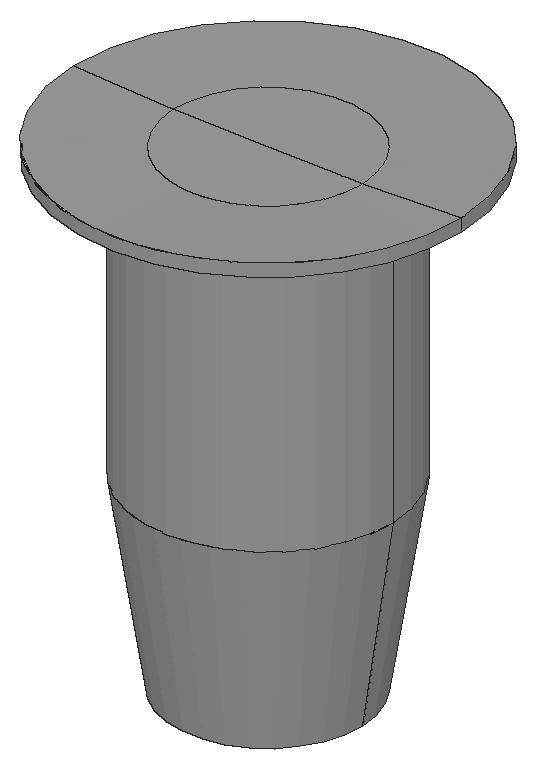
Revit family "0059822 Feilo Sylvania Lighting Fixture SYLFIRE LED G2 WH FIX NW DIM DC", category Lighting Fixtures, host Face, Revit 2017
Family settings
  Host = Face
  Round Connector Dimension = Use Diameter
  Part Type = Normal
  OmniClass Number = 23.80.70.00
  OmniClass Title = Lighting
  Cut with Voids When Loaded = No
  Light Source = Yes
  Shared = No
  Room Calculation Point = No
Parameters (values of type "0059822 SYLFIRE LED G2 WH FIX NW DIM DC")
  Weight = "8.82 kg"
  Wattage Comments = ""
  Wattage = 8 W
  WarrantyStartDate [instance] = "n/a"
  WarrantyGuarantorParts = "n/a"
  WarrantyDurationUnit = "n/a"
  WarrantyDurationParts = "n/a"
  WarrantyDescription = "n/a"
  built-in parameter 1150110 = 1 (stored number, unit not read)
  Voltage = 230 V
  URL = "http://www.sylvania-lighting.com"
  TypeName = "SYLFIRE LED G2 WH FIX NW DIM DC"
  Type Image = <None>
  Type Comments = "n/a"
  built-in parameter 1114217 = 1 (stored number, unit not read)
  Tilt Angle = -90.00°
  built-in parameter 1150109 = 1 (stored number, unit not read)
  built-in parameter 1150134 = 12
  built-in parameter 1150113 = 1 (stored number, unit not read)
  SerialNumber [instance] = "n/a"
  Photometric Web File = "0059822.ies"
  Material_3_FEILO = none
  PowerFactor = 0.85
  PowerConsumption = "8 W"
  NominalLength = 90 mm
  NominalHeight = 111 mm
  NominalDepth = 90 mm
  Name = "SYLFIRE LED G2 WH FIX NW DIM DC"
  ModelReference = Name  # "SYLFIRE LED G2 WH FIX NW DIM DC"
  ModelNumber = "0059822"
  Model = Name  # "SYLFIRE LED G2 WH FIX NW DIM DC"
  Material = "aluminium housing"
  ManufacturerName = "Feilo Sylvania"
  Manufacturer = "Feilo Sylvania"
  LuminousEfficacy = "77.5 lm/W"
  built-in parameter 1150105 = 1178.6 (stored number, unit not read)
  Lumens = 620 lm
  LuminaireType = ""
  built-in parameter 1150115 = 1 (stored number, unit not read)
  LightOutputRatio = "n/a"
  built-in parameter 1150137 = (empty or 0)
  built-in parameter 1150139 = (empty or 0)
  LampsType = Lamp  # "LED"
  LampNominalLuminous = "620 lm"
  LampMacAdamStep = "n/a"
  LampColourTemperature = "4000 K"
  LampColourRenderingIndex = "80"
  built-in parameter 1150112 = 1 (stored number, unit not read)
  built-in parameter 1150114 = 1 (stored number, unit not read)
  Lamp = "LED"
  Keynote = "16500"
  InstallationDate [instance] = "n/a"
  InputVoltage = "220-240V~"
  InputNominalFrequency = "50/60 Hz"
  built-in parameter 1150132 = (empty or 0)
  built-in parameter 1150102 = (empty or 0)
  built-in parameter 1150107 = 4000 (stored number, unit not read)
  built-in parameter 1150138 = (empty or 0)
  IngressProtection = "IP65"
  ImpactProtectionIndex = "IK06"
  built-in parameter 1150106 = 11.786 (stored number, unit not read)
  IfcExportType = "IfcLightFixtureType"
  IfcExportAs = "IfcLightFixtureType"
  ExpectedLife = 50000
  Emit from Circle Diameter = 44 mm
  Emit Shape Visible in Rendering = no
  ElectricShockClassification = "Class II"
  built-in parameter 1150104 = 7.2 (stored number, unit not read)
  DurationUnit = "hours"
  DocumentationLiterature = "http://www.sylvania-lighting.com/product/en-int/products/0059822"
  DimmingControlOptions = "Non dimmable"
  Material_2_FEILO = LED-Sylvania-SylFire
  Dimming Lamp Color Temperature Shift = <None>
  Description = "IP65 LED downlight, fire rated for 30, 60 and 90 minutes. 8W up to 620 lumen output."
  Default Elevation = 1219.2 mm
  CreatedOn = "2/15/2018"
  CreatedBy = ""
  Cost = 0
  Color Filter = 16777215
  built-in parameter 1114216 [instance] = (empty or 0)
  ClassificationValue = "EF_70_80"
  ClassificationName = "Uniclass2015"
  Material_1_FEILO = Body-Sylvania-SylFire-White
  BarCode [instance] = "n/a"
  built-in parameter 1114218 = 1 (stored number, unit not read)
  built-in parameter 1150133 = 10 (stored number, unit not read)
  AssetType = "Fixed"
  AssetIdentifier [instance] = "n/a"
  Assembly Code = "D5020200"
  Apparent Load = 8 VA
  Material_4_FEILO = none
Reference planes
  plane 1 "Center (Front/Back)": y = 0
  plane 2: z = 0
  plane 3 "Center (Left/Right)": x = 0
  plane 4: x = 45
  plane 5: x = -45
  plane 6: x = 37.5
  plane 7: x = -37.5
  plane 8: x = -32.5
  plane 9: x = -29.3
  plane 10: z = -3.4
  plane 11: z = -4.4
  plane 12: z = -120
  plane 13: z = -111
  plane 14: z = -66
  plane 15: x = -22
  plane 16: z = 3
  plane 17: z = 2
  plane 18: x = -30.3
Forms (mm)
  Revolve 1, solid, material "Body-Sylvania-SylFire-White" <- "Material_1_FEILO"
    sketch origin (0, 0, 0) x (1, 0, 0) y (0, 0, 1)
      loop
        line (0, 2) -> (-22, 2) -> (-45, 3) -> (-45, 0) -> (-32.5, 0) -> (-32.5, -3.4) -> (-30.3, -3.4) -> (-29.3, -4.4) -> (-29.3, -66) -> (-22, -111) -> (0, -111) -> (0, 2)
      axis (0, 3) -> (0, -111)
    angle from 360 to 0
  Revolve 2, void
    sketch origin (0, 0, 0) x (1, 0, 0) y (0, 0, 1)
      loop
        line (0, 0) -> (-37.5, 0) -> (-37.5, -120) -> (0, -120) -> (0, 0)
      axis (0, 0) -> (0, -120)
    angle from 360 to 0
Dimensions and locks
  equal spacing: plane 6, plane 3 "Center (Left/Right)", plane 7
  locked: plane 6 to plane 7 at 75
  equal spacing: plane 4, plane 3 "Center (Left/Right)", plane 5
  locked: plane 4 to plane 5 at 90
  locked: plane 3 "Center (Left/Right)" to plane 8 at 32.5
  locked: plane 9 to plane 8 at 3.2
  locked: plane 2 to plane 10 at 3.4
  locked: plane 10 to plane 11 at 1
  locked: plane 2 to plane 12 at 120
  locked: plane 2 to plane 13 at 111
  locked: plane 2 to plane 14 at 66
  locked: plane 3 "Center (Left/Right)" to plane 15 at 22
  locked: plane 16 to plane 2 at 3
  locked: plane 16 to plane 17 at 1
  locked: plane 9 to plane 18 at 1
  aligned and locked: plane 2 to host face
  aligned and locked: level to host face
  aligned and locked: Revolve 1 sketch curve to plane 3 "Center (Left/Right)"
  aligned and locked: plane 3 "Center (Left/Right)" to Revolve 1 sketch curve  (x2)
  aligned and locked: plane 15 to Revolve 1 sketch curve
  aligned and locked: Revolve 1 sketch curve to plane 5
  aligned and locked: Revolve 1 sketch curve to plane 8
  aligned and locked: Revolve 1 sketch curve to plane 9
  aligned and locked: plane 13 to Revolve 1 sketch curve
  aligned and locked: plane 10 to Revolve 1 sketch curve
  aligned and locked: plane 18 to Revolve 1 sketch curve
  aligned and locked: Revolve 2 sketch curve to plane 3 "Center (Left/Right)"
  aligned and locked: Revolve 2 sketch curve to Revolve 1
  aligned and locked: plane 3 "Center (Left/Right)" to Revolve 2 sketch curve
  aligned and locked: plane 12 to Revolve 2 sketch curve
  aligned and locked: Revolve 2 sketch curve to plane 7
  aligned and locked: plane 3 "Center (Left/Right)" to imposter light
  aligned and locked: imposter light to plane 17
  aligned and locked: imposter light to plane 1 "Center (Front/Back)"
  aligned and locked: Revolve 1 sketch curve to plane 17
Automatic sketch dimensions
  host sketch curve to host sketch curve = 2438.4 mm  (x2)
  Revolve 1 sketch curve to plane 15 = 0 mm
  Revolve 1 sketch curve to plane 14 = 0 mm
  Revolve 1 sketch curve to plane 11 = 0 mm
  Revolve 1 sketch curve to level = 0 mm
  plane 12 to Revolve 1 sketch curve = 489.6 mm
  Revolve 1 sketch curve to plane 16 = 2604.058 mm
  plane 12 to Revolve 2 sketch curve = 489.6 mm
  Revolve 2 sketch curve to plane 16 = 2606.058 mm
  Revolve 1 sketch curve to plane 16 = 0 mm
Connectors
  electrical at (0, 0, 0), driven by "Apparent Load", driven by "PowerFactor", driven by "Voltage"
    settings: index 1, voltage 230 V, apparent load 8 VA, apparent load phase1 0 VA, apparent load phase2 0 VA, apparent load phase3 0 VA, power factor 0.85, load classification "Lighting", number of poles 1, system type 30, power factor state 1, is connector primary yes, connector utility no, sub classification motor no, connector description ""
